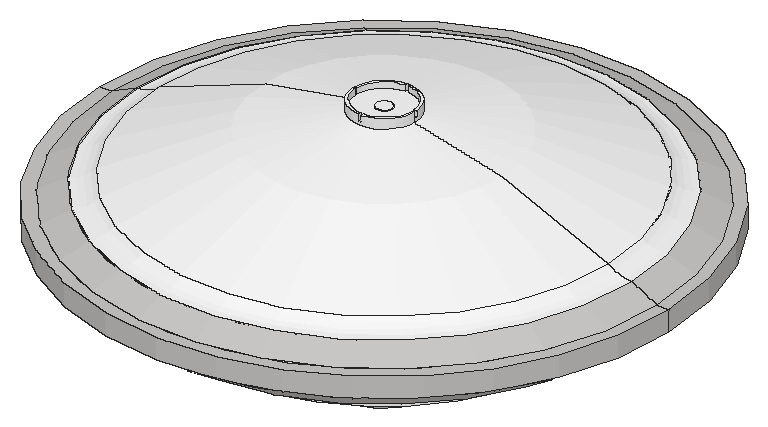
Revit family "PGL8", category Lighting Fixtures, host Face, Revit 2014
Parameters
  Wattage = 9.2903 W
  Warranty = "5 Years Limited Warranty"
  built-in parameter 1150110 = 1 (stored number, unit not read)
  URL = "https://www.hubbell.com/kimlighting/en/"
  Type Comments = "Light Fixture"  # constant formula
  built-in parameter 1114217 = 1 (stored number, unit not read)
  Tilt Angle = -90.00°
  built-in parameter 1150109 = 1 (stored number, unit not read)
  built-in parameter 1150134 = 3
  built-in parameter 1150113 = 1 (stored number, unit not read)
  Power Factor = "0.90"
  Photometric Web File = "L031903201 PGL8-128L130-5K7-SM-T5W-UNV-WH (S-LITE) Full reflector Shield_600mA.IES"
  Model = "PGL8"  # constant formula
  Manufacturer = "KIM LIGHTING"  # constant formula
  built-in parameter 1150105 = 109.82 (stored number, unit not read)
  Lumens = 1380 lm
  built-in parameter 1150115 = 1 (stored number, unit not read)
  built-in parameter 1150137 = (empty or 0)
  built-in parameter 1150139 = (empty or 0)
  built-in parameter 1150112 = 1 (stored number, unit not read)
  built-in parameter 1150114 = 1 (stored number, unit not read)
  Lamp = "LED"
  built-in parameter 1150132 = (empty or 0)
  built-in parameter 1150102 = (empty or 0)
  built-in parameter 1150107 = 3200 (stored number, unit not read)
  built-in parameter 1150138 = (empty or 0)
  built-in parameter 1150106 = 1.0982 (stored number, unit not read)
  IP Rating = "IP 65"
  Housing = Metal-Hubbell-Galvanized_Steel
  Glass = Paint - Hubbell - Matte White
  Features = "Patent Pending edge lit, drop lens optic\r\n• The PGL8 offers exceptional uniformity\r\nand visual comfort with four standard\r\ndistribution patterns\r\n• Multiple control options available for a intelligent\r\nparking garage lighting solution\r\n• Integrnal sensors, battery backup and uplight"  # constant formula
  Emit from Circle Diameter = 14.00"
  Emit Shape Visible in Rendering = no
  built-in parameter 1150104 = 13.8 (stored number, unit not read)
  Distribution = "Type V Concentrated, Type V Square, Type V Rectangular, Asymmetric"  # constant formula
  Dimming Lamp Color Temperature Shift = <None>
  Dimming Interface = "0-10V"
  Description = "LED Parking Garage Luminaire"  # constant formula
  Default Elevation = 48.00"
  Create Date = "03/28/2019"  # constant formula
  Contact us = "https://www.hubbell.com/kimlighting/en/contactUs"
  Color Filter = 16777215
  Certifications = "UL listed"
  built-in parameter 1114218 = 1 (stored number, unit not read)
  built-in parameter 1150133 = 10 (stored number, unit not read)
  Assembly Code = "D5020200"
Reference planes (in)
  plane 1 "Center (Front/Back)": y = 0
  plane 2: z = 0
  plane 3 "Center (Left/Right)": x = 0
  plane 4: x = 7.44141
  plane 5: x = -7.44141
  plane 6: x = -7.44
  plane 7: x = 7.44
  plane 8: z = -2.29
  plane 9: z = 2.47
  plane 10: z = 3.84
  plane 11: x = -5
  plane 12: x = 5
Forms (in)
  Revolve 1, solid, material "Metal-Hubbell-Galvanized_Steel" <- "Housing"
    sketch origin (0, 0, 0) x (1, 0, 0) y (0, 0, 1)
      loop
        line (6.46971, 2.15281) -> (0, 2.15281) -> (0, 0) -> (5, 0)
        arc (5, 0) -> (6.28097, 0.54908) -> (7.4446, 1.3161) r 7.84715
        line (7.4446, 1.3161) -> (7.4446, 1.84575) -> (7.12819, 1.84575) -> (6.46971, 2.15281)
      axis (0, 2.15281) -> (0, 0)
    angle from 0 to 360
  Revolve 2, solid, material "Paint - Hubbell - Matte White" <- "Glass"
    sketch origin (0, 0, -2.375) x (1, 0, 0) y (0, 0, 1)
      loop
        line (0, 6.40378) -> (0, 4.52781) -> (6.46971, 4.52781)
        arc (6.46971, 4.52781) -> (6.15461, 4.58638) -> (5.88161, 4.75428) r 0.87683
        arc (5.88161, 4.75428) -> (3.01494, 5.84338) -> (0, 6.40378) r 17.12612
      axis (0, 6.40378) -> (0, 4.52781)
    angle from 0 to 360
  Revolve 3, solid, material "Paint - Hubbell - Matte White" <- "Glass"
    sketch origin (0, 0, 0) x (1, 0, 0) y (0, 0, 1)
      loop
        line (0.80684, 3.91598) -> (0.80684, 4.15313) -> (0.02375, 4.15313) -> (0.02375, 4.00885)
        arc (0.02375, 4.00885) -> (0.41591, 3.96762) -> (0.80684, 3.91598) r 14.82782
      loop
        line (0, 0) -> (0, -2.29) -> (1.38759, -2.29)
        arc (1.38759, -2.29) -> (3.02596, -1.03832) -> (4.9375, -0.26568) r 7.7087
        line (4.9375, -0.26568) -> (4.9375, 0) -> (0, 0)
      axis (0, 4.15313) -> (0, -2.29)
    angle from 0 to 360
  Extrusion 4, void
    sketch origin (0, 0, 0) x (1, 0, 0) y (0, 1, 0)
      loop
        line (-0.04014, 0.92024) -> (-0.04014, 0.74881)
        arc (-0.04014, 0.74881) -> (-0.52954, 0.52803) -> (-0.74233, 0.03511) r 0.74286
        line (-0.74233, 0.03511) -> (-0.91723, 0.03511) -> (-0.91723, -0.03712) -> (-0.74155, -0.03712)
        arc (-0.74155, -0.03712) -> (-0.521, -0.5225) -> (-0.03209, -0.73513) r 0.74286
        line (-0.03209, -0.73513) -> (-0.03209, -0.91421) -> (0.04014, -0.91421) -> (0.04014, -0.73474)
        arc (0.04014, -0.73474) -> (0.52671, -0.51682) -> (0.74198, -0.02908) r 0.74286
        line (0.74198, -0.02908) -> (0.91723, -0.02908) -> (0.91723, 0.04315) -> (0.74198, 0.04315)
        arc (0.74198, 0.04315) -> (0.52386, 0.53374) -> (0.03209, 0.74921) r 0.74286
        line (0.03209, 0.74921) -> (0.03209, 0.92024) -> (-0.04014, 0.92024)
    from 4.00885 to 4.58783
Cuts and joins
  Extrusion 4 cuts Revolve 1
  Extrusion 4 cuts Revolve 2
  Extrusion 4 cuts Revolve 3
Dimensions and locks (in)
  aligned and locked: plane 2 to host face
  aligned and locked: level to host face
Connectors (in)
  electrical at (0, 0, 1.84575)
    settings: on cut or joined group of Revolve 1, Extrusion 4, index 1, voltage 0 V, apparent load 0 VA, apparent load phase1 0 VA, apparent load phase2 0 VA, apparent load phase3 0 VA, power factor 0.9, load classification "Other", number of poles 1, system type 31, power factor state 1, is connector primary yes, connector utility no, sub classification motor no, connector description "Lighting connector"
